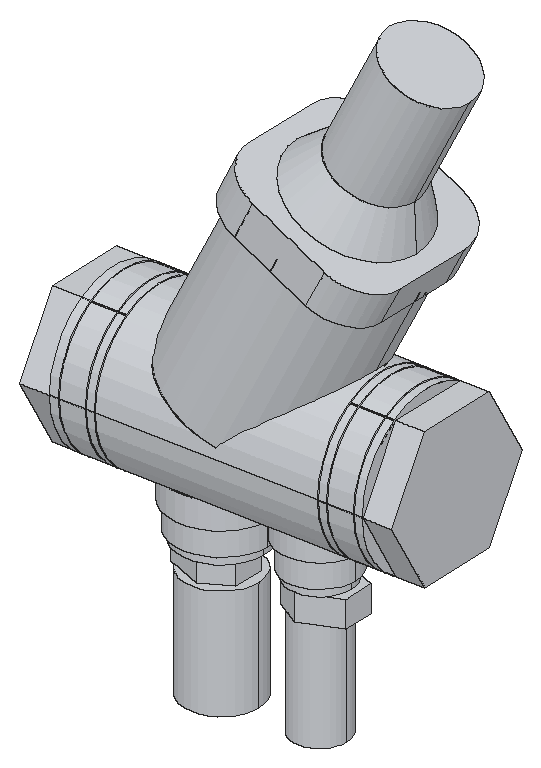
Revit family "Sigma_Compact_DN025_LF_RFA_2019", category Pipe Accessories, Revit 2019
Family settings
  Round Connector Dimension = Use Diameter
  Part Type = Valve - Breaks Into
  Work Plane-Based = No
  Always vertical = Yes
  Cut with Voids When Loaded = No
  Shared = No
Parameters (values of type "Sigma Compact DN 25 LF s měřením")
  magiProductId = "bcbd50229c6f49259ed1f55c66b3ed"
  magiProductFamilyId = "899bca4e67ce4698b7af5040674aaa"
  magiPartTypeId = 304
  isMeasuringValve [instance] = no
  ang2D [instance] = 0.00°
  Z6 = 27 mm
  Z5 = 63 mm
  Z4 = 54 mm
  Z3 = 9 mm
  Z2 = 45 mm
  XR2 = 25 mm
  XR1 = 13 mm
  W2D = 15 mm
  VersionID = "2.0/2018.12.13.2/FRESE_SIGMA_PLUG_Q13_001"
  Use Minimum Symbol Size [instance] = no
  URL = "www.hydronic.cz"
  Type Comments = "závitový; vnitřní závit; PN25; max dp=400kPa; -10~+120°C; max uzavírací tlak 1MPa"
  R4 = 15 mm
  R3 = 10 mm
  R2 = 18 mm
  R1 = 19 mm
  QmdConnectorList = "301;D;302;D"
  Productdata [instance] = ""
  NL__ve = -NL  # -16.6 mm
  NL = 16.6 mm
  Manufacturer = "Hydronic Systems Prague s.r.o."
  MC Use Limits From Balancing Method = no
  MC Throttling Minimum Value = 0
  MC Throttling Maximum Value = 0
  MC Product Code = "53-2208 DN25 FF s měřením; (95-2000 l/h); kvs=3,9"
  MC Pressure Drop Minimum Value = 0.0 Pa
  MC Pressure Drop Maximum Value = 0.0 Pa
  MC Piping Given Pressure Drop [instance] = 0.0 Pa
  M5 = 34.9 mm
  M4 = 32.9 mm
  M3 = 26.9 mm
  M2 = 24.9 mm
  LP = 41.5 mm
  LM = 49.8 mm
  LL__ve = -LL  # -5.9 mm
  LLT__ve = -LLT  # -16.3 mm
  LLT = 16.3 mm
  LLL = 9 mm
  LL3 = 41 mm
  LL2 = 34 mm
  LL = 5.9 mm
  L3 = 11 mm
  L2D_Min = 30.48 mm
  L2D = 65 mm
  Description = "Automatický vyvažovací ventil"
  DR1 = no
  DR0 = yes
  DL2 = 66 mm
  D = 25 mm
  CenSd_R2_6 = R2 * cos(30.00°)  # 15.588 mm
  CAT0 = yes
  C0D1 = no
  C0D0 = yes
Types (3, lengths in mm): name | magiProductId | Z6 | Z5 | Z4 | Z3 | Z2 | R2 | NL__ve | NL | MC Product Code | M5 | M4 | M3 | M2 | LP | LM | LL__ve | LLT__ve | LLT | LLL | LL2 | LL | D | CenSd_R2_6
  Sigma Compact DN 15 LF s měřením | "4a904ca02dcd4d4b8bc93e9b7121ab" | 26.1 | 60.9 | 52.2 | 8.7 | 43.5 | 14 | -15 | 15 | "53-2200 DN15 FF s měřením; (40-900 l/h); kvs=2,6" | 32.5 | 30.5 | 24.5 | 22.5 | 37.5 | 45 | -5.7 | -14.9 | 14.9 | 11 | 32 | 5.7 | 15 | 12.124
  Sigma Compact DN 20 LF s měřením | "530dd69e715c4b5ea08f3ea7c41338" | 26.1 | 60.9 | 52.2 | 8.7 | 43.5 | 14 | -15.8 | 15.8 | "53-2202 DN20 FF s měřením; (86-1550 l/h); kvs=4,0" | 33.7 | 31.7 | 25.7 | 23.7 | 39.5 | 47.4 | -5.7 | -14.9 | 14.9 | 11 | 32 | 5.7 | 20 | 12.124
  Sigma Compact DN 25 LF s měřením | "bcbd50229c6f49259ed1f55c66b3ed" | 27 | 63 | 54 | 9 | 45 | 18 | -16.6 | 16.6 | "53-2208 DN25 FF s měřením; (95-2000 l/h); kvs=3,9" | 34.9 | 32.9 | 26.9 | 24.9 | 41.5 | 49.8 | -5.9 | -16.3 | 16.3 | 9 | 34 | 5.9 | 25 | 15.588
Reference planes
  plane 1 "Center (Front/Back)": y = 0
  plane 2 "XYPLANE": z = 0
  plane 3 "Center (Left/Right)": x = 0
  plane 4 "408": x = 41.5
  plane 5 "407": x = -41.5
  plane 6 "404": z = -35.1
  plane 7 "403": z = -41
  plane 8 "402": z = -66
  plane 9 "213": x = -11
  plane 10 "168": z = -12.3
  plane 11 "167": z = -14.3
  plane 12 "166": z = -20.2
  plane 13 "165": z = -26.1
  plane 14 "164": z = -28.1
  plane 15 "154": z = 0
  plane 16 "152": y = 0
  plane 17 "151": z = -34
  plane 18 "150": x = 11
  plane 19 "75": through (318.218, 0, 679.605) normal (0.891, 0, -0.454)
  plane 20 "74": x = 34.9
  plane 21 "73": x = 32.9
  plane 22 "72": x = 26.9
  plane 23 "71": x = 24.9
  plane 24 "70": x = -34.9
  plane 25 "69": x = -32.9
  plane 26 "68": x = -26.9
  plane 27 "67": y = 0
  plane 28 "66": through (-666.893, 0, 343.166) normal (0.454, 0, 0.891)
  plane 29 "65": x = -24.9
  plane 30 "64": through (335.147, 0, 670.979) normal (0.891, 0, -0.454)
  plane 31 "63": through (-647.825, 0, 380.588) normal (0.454, 0, 0.891)
  plane 32 "62": through (352.076, 0, 662.353) normal (0.891, 0, -0.454)
  plane 33 "61": y = 19
  plane 34 "60": y = -19
  plane 35 "59": through (-643.739, 0, 388.607) normal (0.454, 0, 0.891)
  plane 36 "58": through (-639.653, 0, 396.626) normal (0.454, 0, 0.891)
  plane 37 "56": x = 0
  plane 38 "55": through (-668.255, 0, 340.493) normal (0.454, 0, 0.891)
  plane 39 "102XY": through (-668.255, 0, 340.493) normal (0.454, 0, 0.891)
  plane 40 "102XZ": y = 0
  plane 41 "102YZ": through (340.493, 0, 668.255) normal (0.891, 0, -0.454)
Forms (mm)
  Extrusion 1, solid
    sketch origin (41.5, -750, 0) x (0, 1, 0) y (0, 0, 1)
      loop
        line (768, 0) -> (759, 15.588) -> (741, 15.588) -> (732, 0) -> (741, -15.588) -> (759, -15.588) -> (768, 0)
    from 0 to -16.6 <- "NL__ve"
  Extrusion 2, solid
    sketch origin (-41.5, -750, 0) x (0, 1, 0) y (0, 0, 1)
      loop
        line (732, 0) -> (741, -15.588) -> (759, -15.588) -> (768, 0) -> (759, 15.588) -> (741, 15.588) -> (732, 0)
    from 0 to 16.6 <- "NL"
  Extrusion 3, solid, visible <- "C0D1"
    sketch origin (-750, 0, -66) x (1, 0, 0) y (0, 1, 0)
      loop
        circle (739, 0) r 9.4
    from 0 to 50
  Extrusion 4, solid, visible <- "DR1"
    sketch origin (-750, 0, -35.1) x (1, 0, 0) y (0, 1, 0)
      loop
        line (739, -8) -> (745.928, -4) -> (745.928, 4) -> (739, 8) -> (729.672, 4) -> (729.672, -4) -> (739, -8)
    from 0 to -5.9 <- "LL__ve"
  Extrusion 5, solid, visible <- "DR1"
    sketch origin (-750, 0, -35.1) x (1, 0, 0) y (0, 1, 0)
      loop
        circle (739, 0) r 10.4
    from 0 to 9 <- "LLL"
  Extrusion 6, solid, visible <- "DR1"
    sketch origin (-750, 0, -26.1) x (1, 0, 0) y (0, 1, 0)
      loop
        circle (739, 0) r 11.4
    from 0 to 5.9 <- "LL"
  Extrusion 7, solid, visible <- "DR1"
    sketch origin (-750, 0, -20.2) x (1, 0, 0) y (0, 1, 0)
      loop
        circle (739, 0) r 12.4
    from 0 to 5.9 <- "LL"
  Blend 8, solid, visible <- "DR1"
    base sketch origin (-750, 0, -12.3) x (1, 0, 0) y (0, 1, 0)
      loop
        circle (739, 0) r 9.9
    top sketch origin (-750, 0, -12.3) x (1, 0, 0) y (0, 1, 0)
      loop
        circle (739, 0) r 12.4
    from 0 to -2
  Extrusion 9, solid, visible <- "DR1"
    sketch origin (-750, 0, 0) x (1, 0, 0) y (0, 1, 0)
      loop
        circle (739, 0) r 9.9
    from 0 to -16.3 <- "LLT__ve"
  Extrusion 10, solid, visible <- "C0D0"
    sketch origin (-750, 0, -34) x (1, 0, 0) y (0, 1, 0)
      loop
        circle (739, 0) r 8.4
    from 0 to -25
  Extrusion 11, solid, visible <- "DR0"
    sketch origin (-750, 0, -28.1) x (1, 0, 0) y (0, 1, 0)
      loop
        line (739, -7) -> (745.062, -3.5) -> (745.062, 3.5) -> (739, 7) -> (730.538, 3.5) -> (730.538, -3.5) -> (739, -7)
    from 0 to -5.9 <- "LL__ve"
  Extrusion 12, solid, visible <- "DR0"
    sketch origin (-750, 0, -28.1) x (1, 0, 0) y (0, 1, 0)
      loop
        circle (739, 0) r 9.4
    from 0 to 2
  Extrusion 13, solid, visible <- "DR0"
    sketch origin (-750, 0, -20.2) x (1, 0, 0) y (0, 1, 0)
      loop
        circle (739, 0) r 11.4
    from 0 to 5.9 <- "LL"
  Blend 14, solid, visible <- "DR0"
    base sketch origin (-750, 0, -12.3) x (1, 0, 0) y (0, 1, 0)
      loop
        circle (739, 0) r 8.9
    top sketch origin (-750, 0, -12.3) x (1, 0, 0) y (0, 1, 0)
      loop
        circle (739, 0) r 11.4
    from 0 to -2
  Extrusion 15, solid, visible <- "DR0"
    sketch origin (-750, 0, 0) x (1, 0, 0) y (0, 1, 0)
      loop
        circle (739, 0) r 8.9
    from 0 to -16.3 <- "LLT__ve"
  Extrusion 16, solid, visible <- "DR0"
    sketch origin (-750, 0, 0) x (1, 0, 0) y (0, 1, 0)
      loop
        circle (739, 0) r 8.9
    from 0 to -16.3 <- "LLT__ve"
  Blend 17, solid, visible <- "DR0"
    base sketch origin (-750, 0, -12.3) x (1, 0, 0) y (0, 1, 0)
      loop
        circle (739, 0) r 8.9
    top sketch origin (-750, 0, -12.3) x (1, 0, 0) y (0, 1, 0)
      loop
        circle (739, 0) r 11.4
    from 0 to -2
  Extrusion 18, solid, visible <- "DR0"
    sketch origin (-750, 0, -20.2) x (1, 0, 0) y (0, 1, 0)
      loop
        circle (739, 0) r 11.4
    from 0 to 5.9 <- "LL"
  Extrusion 19, solid, visible <- "DR0"
    sketch origin (-750, 0, -26.1) x (1, 0, 0) y (0, 1, 0)
      loop
        circle (739, 0) r 10.4
    from 0 to 5.9 <- "LL"
  Extrusion 20, solid, visible <- "DR0"
    sketch origin (-750, 0, -28.1) x (1, 0, 0) y (0, 1, 0)
      loop
        circle (739, 0) r 9.4
    from 0 to 2
  Extrusion 21, solid, visible <- "DR0"
    sketch origin (-750, 0, -28.1) x (1, 0, 0) y (0, 1, 0)
      loop
        line (739, -7) -> (745.062, -3.5) -> (745.062, 3.5) -> (739, 7) -> (730.538, 3.5) -> (730.538, -3.5) -> (739, -7)
    from 0 to -5.9 <- "LL__ve"
  Extrusion 22, solid, visible <- "C0D0"
    sketch origin (-750, 0, -34) x (1, 0, 0) y (0, 1, 0)
      loop
        circle (739, 0) r 8.4
    from 0 to -25
  Extrusion 23, solid, visible <- "CAT0"
    sketch origin (-750, 0, -34) x (1, 0, 0) y (0, 1, 0)
      loop
        circle (761, 0) r 6
    from 0 to -25
  Extrusion 24, solid
    sketch origin (-750, 0, -28.1) x (1, 0, 0) y (0, 1, 0)
      loop
        line (761, -7) -> (769.462, -3.5) -> (769.462, 3.5) -> (761, 7) -> (754.938, 3.5) -> (754.938, -3.5) -> (761, -7)
    from 0 to -5.9 <- "LL__ve"
  Extrusion 25, solid
    sketch origin (-750, 0, -28.1) x (1, 0, 0) y (0, 1, 0)
      loop
        circle (761, 0) r 7
    from 0 to 2
  Extrusion 26, solid
    sketch origin (-750, 0, -26.1) x (1, 0, 0) y (0, 1, 0)
      loop
        circle (761, 0) r 8
    from 0 to 5.9 <- "LL"
  Extrusion 27, solid
    sketch origin (-750, 0, -20.2) x (1, 0, 0) y (0, 1, 0)
      loop
        circle (761, 0) r 9
    from 0 to 5.9 <- "LL"
  Blend 28, solid
    base sketch origin (-750, 0, -12.3) x (1, 0, 0) y (0, 1, 0)
      loop
        circle (761, 0) r 6.5
    top sketch origin (-750, 0, -12.3) x (1, 0, 0) y (0, 1, 0)
      loop
        circle (761, 0) r 9
    from 0 to -2
  Extrusion 29, solid
    sketch origin (-750, 0, 0) x (1, 0, 0) y (0, 1, 0)
      loop
        circle (761, 0) r 6.5
    from 0 to -16.3 <- "LLT__ve"
  Blend 30, solid, visible <- "CAT0"
    base sketch origin (32.9, -750, 0) x (0, 1, 0) y (0, 0, 1)
      loop
        circle (750, 0) r 18
    top sketch origin (32.9, -750, 0) x (0, 1, 0) y (0, 0, 1)
      loop
        circle (750, 0) r 18
    from 0 to 2
  Extrusion 31, solid, visible <- "CAT0"
    sketch origin (26.9, -750, 0) x (0, 1, 0) y (0, 0, 1)
      loop
        circle (750, 0) r 18
    from 0 to 6
  Blend 32, solid, visible <- "CAT0"
    base sketch origin (24.9, -750, 0) x (0, 1, 0) y (0, 0, 1)
      loop
        circle (750, 0) r 18
    top sketch origin (24.9, -750, 0) x (0, 1, 0) y (0, 0, 1)
      loop
        circle (750, 0) r 18
    from 0 to 2
  Blend 33, solid, visible <- "CAT0"
    base sketch origin (-32.9, -750, 0) x (0, 1, 0) y (0, 0, 1)
      loop
        circle (750, 0) r 18
    top sketch origin (-32.9, -750, 0) x (0, 1, 0) y (0, 0, 1)
      loop
        circle (750, 0) r 18
    from 0 to -2
  Extrusion 34, solid, visible <- "CAT0"
    sketch origin (-32.9, -750, 0) x (0, 1, 0) y (0, 0, 1)
      loop
        circle (750, 0) r 18
    from 0 to 6
  Blend 35, solid, visible <- "CAT0"
    base sketch origin (-26.9, -750, 0) x (0, 1, 0) y (0, 0, 1)
      loop
        circle (750, 0) r 18
    top sketch origin (-26.9, -750, 0) x (0, 1, 0) y (0, 0, 1)
      loop
        circle (750, 0) r 18
    from 0 to 2
  Extrusion 36, solid, visible <- "CAT0"
    sketch origin (-24.9, -750, 0) x (0, 1, 0) y (0, 0, 1)
      loop
        circle (750, 0) r 18
    from 0 to 49.8 <- "LM"
  Extrusion 37, solid, visible <- "CAT0"
    sketch origin (-666.893, 0, 343.166) x (0.891007, 0, -0.45399) y (0, 1, 0)
      loop
        circle (744, 0) r 19
    from 0 to 45 <- "Z2"
  Extrusion 38, solid, visible <- "CAT0"
    sketch origin (-647.825, 0, 380.588) x (0.891007, 0, -0.45399) y (0, 1, 0)
      loop
        arc (735, 19) -> (727.929, 16.071) -> (725, 9) r 10
        line (725, 9) -> (725, -9)
        arc (725, -9) -> (727.929, -16.071) -> (735, -19) r 10
        line (735, -19) -> (753, -19)
        arc (753, -19) -> (760.071, -16.071) -> (763, -9) r 10
        line (763, -9) -> (763, 9)
        arc (763, 9) -> (760.071, 16.071) -> (753, 19) r 10
        line (753, 19) -> (735, 19)
    from 0 to 9 <- "Z3"
  Blend 39, solid, visible <- "CAT0"
    base sketch origin (-643.739, 0, 388.607) x (0.891007, 0, -0.45399) y (0, 1, 0)
      loop
        circle (744, 0) r 15
    top sketch origin (-643.739, 0, 388.607) x (0.891007, 0, -0.45399) y (0, 1, 0)
      loop
        circle (744, 0) r 10
    from 0 to 9
  Extrusion 40, solid, visible <- "CAT0"
    sketch origin (-639.653, 0, 396.626) x (0.891007, 0, -0.45399) y (0, 1, 0)
      loop
        circle (744, 0) r 10
    from 0 to 27 <- "Z6"
  Blend 41, solid, visible <- "CAT0"
    base sketch origin (-668.255, 0, 340.493) x (0.891007, 0, -0.45399) y (0, 1, 0)
      loop
        circle (744, 0) r 15
    top sketch origin (-668.255, 0, 340.493) x (0.891007, 0, -0.45399) y (0, 1, 0)
      loop
        circle (744, 0) r 19
    from 0 to 3
  Extrusion 42, solid, not visible
    sketch origin (-34.9, -750, 0) x (0, 1, 0) y (0, 0, 1)
      loop
        circle (750, 0) r 10
    from 0 to 10
  Extrusion 43, solid, not visible
    sketch origin (34.9, -750, 0) x (0, 1, 0) y (0, 0, 1)
      loop
        circle (750, 0) r 10
    from 0 to -10
Lines and regions (mm)
  reference lines, not visible
    curve 1: circle (2, 2, 0) r 1 normal (0, 0, 1)
  reference lines
    curve 2: line (41.5, 0, 0) -> (41.5, -3.5, 6.062)
    curve 3: line (41.5, 0, 0) -> (41.5, -7, 0)
    curve 4: line (41.5, 0, 0) -> (41.5, -3.5, -6.062)
    curve 5: line (-41.5, 0, 0) -> (-41.5, 3.5, 6.062)
    curve 6: line (-41.5, 0, 0) -> (-41.5, 7, 0)
    curve 7: line (-41.5, 0, 0) -> (-41.5, 3.5, -6.062)
Dimensions and locks
  plane 1 "Center (Front/Back)" to curve 1 = 2 mm
  "LP": plane 37 "56" to plane 4 "408"
  "LP": plane 37 "56" to plane 5 "407"
  "LL": plane 7 "403" to plane 6 "404"
  "LL3": plane 2 "XYPLANE" to plane 7 "403"
  "DL2": plane 2 "XYPLANE" to plane 8 "402"
  "L3": plane 3 "Center (Left/Right)" to plane 9 "213"
  locked: plane 11 "167" to plane 10 "168" at 2
  "LL": plane 12 "166" to plane 11 "167"
  "LL": plane 13 "165" to plane 12 "166"
  locked: plane 14 "164" to plane 13 "165" at 2
  "LL": plane 17 "151" to plane 14 "164"
  locked: plane 2 "XYPLANE" to plane 15 "154"
  locked: plane 1 "Center (Front/Back)" to plane 16 "152"
  "LL2": plane 2 "XYPLANE" to plane 17 "151"
  "L3": plane 3 "Center (Left/Right)" to plane 18 "150"
  "XR2": plane 41 "102YZ" to plane 19 "75"
  "M5": plane 3 "Center (Left/Right)" to plane 20 "74"
  "M4": plane 3 "Center (Left/Right)" to plane 21 "73"
  "M3": plane 3 "Center (Left/Right)" to plane 22 "72"
  "M2": plane 3 "Center (Left/Right)" to plane 23 "71"
  "M5": plane 3 "Center (Left/Right)" to plane 24 "70"
  "M4": plane 3 "Center (Left/Right)" to plane 25 "69"
  "M3": plane 3 "Center (Left/Right)" to plane 26 "68"
  locked: plane 16 "152" to plane 27 "67"
  locked: plane 39 "102XY" to plane 28 "66" at 3
  "M2": plane 3 "Center (Left/Right)" to plane 29 "65"
  locked: plane 41 "102YZ" to plane 30 "64" at 6
  "Z2": plane 39 "102XY" to plane 31 "63"
  "XR1": plane 41 "102YZ" to plane 32 "62"
  "R1": plane 16 "152" to plane 33 "61"
  "R1": plane 16 "152" to plane 34 "60"
  "Z4": plane 39 "102XY" to plane 35 "59"
  "Z5": plane 39 "102XY" to plane 36 "58"
  locked: plane 3 "Center (Left/Right)" to plane 37 "56"
  locked: plane 39 "102XY" to plane 38 "55"
  "CenSd_R2_6": curve 2 to Extrusion 1 sketch curve  (x2)
  "CenSd_R2_6": curve 3 to Extrusion 1 sketch curve  (x2)
  "CenSd_R2_6": curve 4 to Extrusion 1 sketch curve  (x2)
  Extrusion 1 sketch curve to Extrusion 1 sketch curve = 0 mm  (x12)
  "CenSd_R2_6": curve 5 to Extrusion 2 sketch curve  (x2)
  "CenSd_R2_6": curve 6 to Extrusion 2 sketch curve  (x2)
  "CenSd_R2_6": curve 7 to Extrusion 2 sketch curve  (x2)
  Extrusion 2 sketch curve to Extrusion 2 sketch curve = 0 mm  (x12)
  Extrusion 4 sketch curve to Extrusion 4 sketch curve = 0 mm  (x12)
  Extrusion 11 sketch curve to Extrusion 11 sketch curve = 0 mm  (x12)
  Extrusion 21 sketch curve to Extrusion 21 sketch curve = 0 mm  (x12)
  Extrusion 24 sketch curve to Extrusion 24 sketch curve = 0 mm  (x12)
  Extrusion 38 sketch curve to Extrusion 38 sketch curve = 0 mm  (x16)
  "R2": radius of Blend 30 sketch curve  (x2)
  "R2": radius of Extrusion 31 sketch curve
  "R2": radius of Blend 32 sketch curve  (x2)
  "R2": radius of Blend 33 sketch curve  (x2)
  "R2": radius of Extrusion 34 sketch curve
  "R2": radius of Blend 35 sketch curve  (x2)
  "R2": radius of Extrusion 36 sketch curve
  "R1": radius of Extrusion 37 sketch curve
  radius of Extrusion 38 sketch curve = 10 mm  (x4)
  "R3": radius of Blend 39 sketch curve
  "R4": radius of Blend 39 sketch curve
  "R3": radius of Extrusion 40 sketch curve
  "R1": radius of Blend 41 sketch curve
  locked: curve 3 to curve 2 (angle 60.00°)
  locked: curve 4 to curve 3 (angle 60.00°)
  locked: curve 4 to curve 2 (angle 120.00°)
  locked: curve 6 to curve 5 (angle 60.00°)
  locked: curve 7 to curve 6 (angle 60.00°)
  locked: curve 7 to curve 5 (angle 120.00°)
  aligned and locked: level to plane 2 "XYPLANE"
  aligned and locked: plane 15 "154" to curve 4
  aligned and locked: curve 4 to plane 16 "152"
  aligned and locked: plane 15 "154" to curve 7
  aligned and locked: curve 7 to plane 16 "152"
  aligned and locked: plane 9 "213" to Extrusion 3 sketch curve
  aligned and locked: plane 16 "152" to Extrusion 3 sketch curve
  aligned and locked: plane 9 "213" to Extrusion 5 sketch curve
  aligned and locked: plane 16 "152" to Extrusion 5 sketch curve
  aligned and locked: plane 9 "213" to Extrusion 6 sketch curve
  aligned and locked: plane 16 "152" to Extrusion 6 sketch curve
  aligned and locked: plane 9 "213" to Extrusion 7 sketch curve
  aligned and locked: plane 16 "152" to Extrusion 7 sketch curve
  aligned and locked: plane 9 "213" to Blend 8 sketch curve  (x2)
  aligned and locked: plane 16 "152" to Blend 8 sketch curve  (x2)
  aligned and locked: Blend 8 to plane 11 "167"
  aligned and locked: plane 9 "213" to Extrusion 9 sketch curve
  aligned and locked: plane 16 "152" to Extrusion 9 sketch curve
  aligned and locked: plane 9 "213" to Extrusion 10 sketch curve
  aligned and locked: plane 16 "152" to Extrusion 10 sketch curve
  aligned and locked: plane 9 "213" to Extrusion 12 sketch curve
  aligned and locked: plane 16 "152" to Extrusion 12 sketch curve
  aligned and locked: plane 9 "213" to Extrusion 13 sketch curve
  aligned and locked: plane 16 "152" to Extrusion 13 sketch curve
  aligned and locked: plane 9 "213" to Blend 14 sketch curve  (x2)
  aligned and locked: plane 16 "152" to Blend 14 sketch curve  (x2)
  aligned and locked: Blend 14 to plane 11 "167"
  aligned and locked: plane 9 "213" to Extrusion 15 sketch curve
  aligned and locked: plane 16 "152" to Extrusion 15 sketch curve
  aligned and locked: plane 9 "213" to Extrusion 16 sketch curve
  aligned and locked: plane 16 "152" to Extrusion 16 sketch curve
  aligned and locked: plane 9 "213" to Blend 17 sketch curve  (x2)
  aligned and locked: plane 16 "152" to Blend 17 sketch curve  (x2)
  aligned and locked: Blend 17 to plane 11 "167"
  aligned and locked: plane 9 "213" to Extrusion 18 sketch curve
  aligned and locked: plane 16 "152" to Extrusion 18 sketch curve
  aligned and locked: plane 9 "213" to Extrusion 19 sketch curve
  aligned and locked: plane 16 "152" to Extrusion 19 sketch curve
  aligned and locked: plane 9 "213" to Extrusion 20 sketch curve
  aligned and locked: plane 16 "152" to Extrusion 20 sketch curve
  aligned and locked: plane 9 "213" to Extrusion 22 sketch curve
  aligned and locked: plane 16 "152" to Extrusion 22 sketch curve
  aligned and locked: plane 16 "152" to Extrusion 23 sketch curve
  aligned and locked: plane 18 "150" to Extrusion 23 sketch curve
  aligned and locked: plane 16 "152" to Extrusion 25 sketch curve
  aligned and locked: plane 18 "150" to Extrusion 25 sketch curve
  aligned and locked: plane 16 "152" to Extrusion 26 sketch curve
  aligned and locked: plane 18 "150" to Extrusion 26 sketch curve
  aligned and locked: plane 16 "152" to Extrusion 27 sketch curve
  aligned and locked: plane 18 "150" to Extrusion 27 sketch curve
  aligned and locked: plane 16 "152" to Blend 28 sketch curve  (x2)
  aligned and locked: plane 18 "150" to Blend 28 sketch curve  (x2)
  aligned and locked: Blend 28 to plane 11 "167"
  aligned and locked: plane 16 "152" to Extrusion 29 sketch curve
  aligned and locked: plane 18 "150" to Extrusion 29 sketch curve
  aligned and locked: plane 15 "154" to Blend 30 sketch curve  (x2)
  aligned and locked: Blend 30 sketch curve to plane 16 "152"  (x2)
  aligned and locked: plane 20 "74" to Blend 30
  aligned and locked: plane 15 "154" to Extrusion 31 sketch curve
  aligned and locked: Extrusion 31 sketch curve to plane 16 "152"
  aligned and locked: plane 15 "154" to Blend 32 sketch curve  (x2)
  aligned and locked: Blend 32 sketch curve to plane 16 "152"  (x2)
  aligned and locked: plane 22 "72" to Blend 32
  aligned and locked: plane 15 "154" to Blend 33 sketch curve  (x2)
  aligned and locked: Blend 33 sketch curve to plane 16 "152"  (x2)
  aligned and locked: Blend 33 to plane 24 "70"
  aligned and locked: plane 15 "154" to Extrusion 34 sketch curve
  aligned and locked: Extrusion 34 sketch curve to plane 16 "152"
  aligned and locked: plane 15 "154" to Blend 35 sketch curve  (x2)
  aligned and locked: Blend 35 sketch curve to plane 16 "152"  (x2)
  aligned and locked: plane 29 "65" to Blend 35
  aligned and locked: plane 15 "154" to Extrusion 36 sketch curve
  aligned and locked: Extrusion 36 sketch curve to plane 16 "152"
  aligned and locked: plane 27 "67" to Extrusion 37 sketch curve
  aligned and locked: Extrusion 37 sketch curve to plane 30 "64"
  aligned and locked: Extrusion 38 sketch curve to plane 19 "75"
  aligned and locked: Extrusion 38 sketch curve to plane 34 "60"
  aligned and locked: Extrusion 38 sketch curve to plane 32 "62"
  aligned and locked: plane 33 "61" to Extrusion 38 sketch curve
  aligned and locked: plane 27 "67" to Blend 39 sketch curve  (x2)
  aligned and locked: Blend 39 sketch curve to plane 30 "64"  (x2)
  aligned and locked: plane 36 "58" to Blend 39
  aligned and locked: plane 27 "67" to Extrusion 40 sketch curve
  aligned and locked: Extrusion 40 sketch curve to plane 30 "64"
  aligned and locked: plane 27 "67" to Blend 41 sketch curve  (x2)
  aligned and locked: Blend 41 sketch curve to plane 30 "64"  (x2)
  aligned and locked: plane 28 "66" to Blend 41
  aligned and locked: plane 15 "154" to Extrusion 42 sketch curve
  aligned and locked: Extrusion 42 sketch curve to plane 16 "152"
  aligned and locked: plane 15 "154" to Extrusion 43 sketch curve
  aligned and locked: Extrusion 43 sketch curve to plane 16 "152"
Automatic sketch dimensions
  plane 29 "65" to Extrusion 3 sketch curve = 4.5 mm
  Extrusion 4 sketch curve to plane 9 "213" = 0 mm  (x2)
  plane 29 "65" to Extrusion 4 sketch curve = 4.572 mm
  Extrusion 4 sketch curve to plane 3 "Center (Left/Right)" = 4.072 mm
  plane 1 "Center (Front/Back)" to Extrusion 4 sketch curve = 8 mm
  plane 1 "Center (Front/Back)" to Extrusion 4 sketch curve = 4 mm  (x2)
  Extrusion 4 sketch curve to plane 1 "Center (Front/Back)" = 4 mm  (x2)
  Extrusion 4 sketch curve to Extrusion 4 sketch curve = 4 mm
  plane 29 "65" to Extrusion 5 sketch curve = 3.5 mm
  plane 29 "65" to Extrusion 6 sketch curve = 2.5 mm
  plane 29 "65" to Extrusion 7 sketch curve = 1.5 mm
  plane 29 "65" to Blend 8 sketch curve = 4 mm
  plane 29 "65" to Blend 8 sketch curve = 1.5 mm
  plane 29 "65" to Extrusion 9 sketch curve = 4 mm
  plane 29 "65" to Extrusion 10 sketch curve = 5.5 mm
  Extrusion 11 sketch curve to plane 9 "213" = 0 mm  (x2)
  plane 29 "65" to Extrusion 11 sketch curve = 5.438 mm
  Extrusion 11 sketch curve to plane 3 "Center (Left/Right)" = 4.938 mm
  plane 1 "Center (Front/Back)" to Extrusion 11 sketch curve = 7 mm
  plane 1 "Center (Front/Back)" to Extrusion 11 sketch curve = 3.5 mm  (x2)
  Extrusion 11 sketch curve to plane 1 "Center (Front/Back)" = 3.5 mm  (x2)
  Extrusion 11 sketch curve to Extrusion 11 sketch curve = 3.5 mm
  plane 29 "65" to Extrusion 12 sketch curve = 4.5 mm
  plane 29 "65" to Extrusion 13 sketch curve = 2.5 mm
  plane 29 "65" to Blend 14 sketch curve = 5 mm
  plane 29 "65" to Blend 14 sketch curve = 2.5 mm
  plane 29 "65" to Extrusion 15 sketch curve = 5 mm
  plane 29 "65" to Extrusion 16 sketch curve = 5 mm
  plane 29 "65" to Blend 17 sketch curve = 5 mm
  plane 29 "65" to Blend 17 sketch curve = 2.5 mm
  plane 29 "65" to Extrusion 18 sketch curve = 2.5 mm
  plane 29 "65" to Extrusion 19 sketch curve = 3.5 mm
  plane 29 "65" to Extrusion 20 sketch curve = 4.5 mm
  Extrusion 21 sketch curve to plane 9 "213" = 0 mm  (x2)
  plane 29 "65" to Extrusion 21 sketch curve = 5.438 mm
  Extrusion 21 sketch curve to plane 3 "Center (Left/Right)" = 4.938 mm
  plane 1 "Center (Front/Back)" to Extrusion 21 sketch curve = 7 mm
  plane 1 "Center (Front/Back)" to Extrusion 21 sketch curve = 3.5 mm  (x2)
  Extrusion 21 sketch curve to plane 1 "Center (Front/Back)" = 3.5 mm  (x2)
  Extrusion 21 sketch curve to Extrusion 21 sketch curve = 3.5 mm
  plane 29 "65" to Extrusion 22 sketch curve = 5.5 mm
  plane 3 "Center (Left/Right)" to Extrusion 23 sketch curve = 5 mm
  Extrusion 24 sketch curve to plane 18 "150" = 0 mm  (x2)
  plane 3 "Center (Left/Right)" to Extrusion 24 sketch curve = 4.938 mm
  Extrusion 24 sketch curve to plane 23 "71" = 5.438 mm
  plane 1 "Center (Front/Back)" to Extrusion 24 sketch curve = 7 mm
  plane 1 "Center (Front/Back)" to Extrusion 24 sketch curve = 3.5 mm  (x2)
  Extrusion 24 sketch curve to plane 1 "Center (Front/Back)" = 3.5 mm  (x2)
  Extrusion 24 sketch curve to Extrusion 24 sketch curve = 3.5 mm
  plane 3 "Center (Left/Right)" to Extrusion 25 sketch curve = 4 mm
  plane 3 "Center (Left/Right)" to Extrusion 26 sketch curve = 3 mm
  plane 3 "Center (Left/Right)" to Extrusion 27 sketch curve = 2 mm
  plane 3 "Center (Left/Right)" to Blend 28 sketch curve = 4.5 mm
  plane 3 "Center (Left/Right)" to Blend 28 sketch curve = 2 mm
  plane 3 "Center (Left/Right)" to Extrusion 29 sketch curve = 4.5 mm
  plane 19 "75" to Blend 41 sketch curve = 4 mm
  plane 34 "60" to Extrusion 42 sketch curve = 9 mm
  plane 34 "60" to Extrusion 43 sketch curve = 9 mm
  plane 3 "Center (Left/Right)" to curve 1 = 2 mm
  radius of curve 1 = 1 mm
Connectors
  piping at (-34.9, 0, 0), diameter 25, driven by "D"
    settings: on Extrusion 42, index 1, connector inside diameter 609.6 mm, connector length 0 mm, flow factor 0, pipe flow 0.0 L/s, pressure drop 0.0 Pa, fitting loss kfactor 0, connector angle 0.00°, fixture units 0, engagement length 0 mm, angle of deflection 0.00°, flow configuration 0, flow direction 0, fitting loss method 0, system type 29, joint type 0, gender type 0, connector reference index 2, connector utility 0, adjustable connector no, is connector primary yes, connector description ""
  piping at (34.9, 0, 0), diameter 25, driven by "D"
    settings: on Extrusion 43, index 2, connector inside diameter 609.6 mm, connector length 0 mm, flow factor 0, pipe flow 0.0 L/s, pressure drop 0.0 Pa, fitting loss kfactor 0, connector angle 0.00°, fixture units 0, engagement length 0 mm, angle of deflection 0.00°, flow configuration 0, flow direction 0, fitting loss method 0, system type 29, joint type 0, gender type 0, connector reference index 1, connector utility 0, adjustable connector no, is connector primary no, connector description ""
